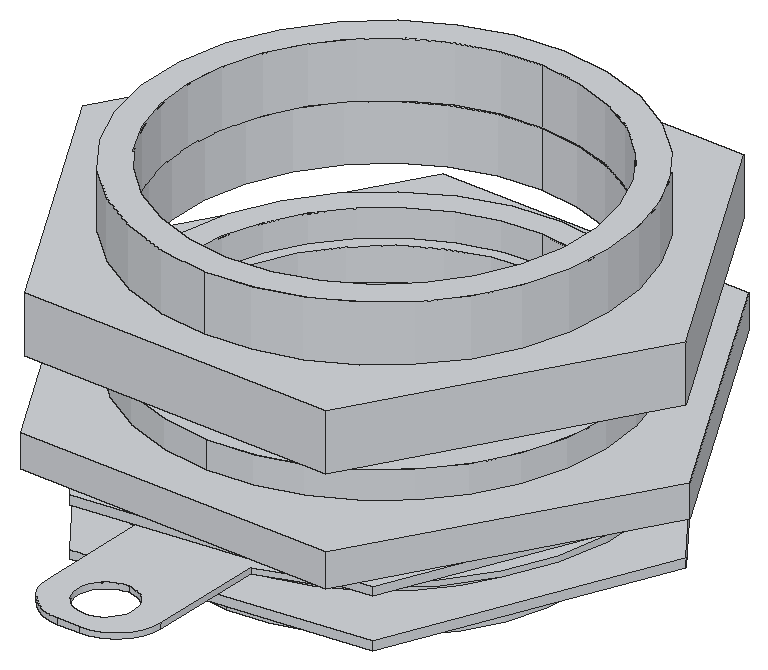
Revit family "BW75", category Generic Models, Revit 2017
Family settings
  Can host rebar = No
  Round Connector Dimension = Use Diameter
  Part Type = Normal
  Work Plane-Based = Yes
  Always vertical = No
  Cut with Voids When Loaded = No
  Shared = No
  Room Calculation Point = No
Parameters (values of type "NBS Standard Parameters")
  Weight = "1.24Kg"
  WarrantyStartDate [instance] = "1900-12-31T23:59:59"
  WarrantyGuarantorParts = "n/a"
  WarrantyGuarantorLabor = "n/a"
  WarrantyDurationUnit = "1 year"
  WarrantyDurationParts = "n/a"
  WarrantyDurationLabor = "n/a"
  WarrantyDescription = "n/a"
  Version = "1"
  Uniclass2 = "Pr_65_70_36_33"
  TagNumber [instance] = "n/a"
  SustainabilityPerformance = "n/a"
  Size = "75mm"
  Shape = ""
  SerialNumber [instance] = "n/a"
  Revision = "n/a"
  ReplacementCost = "n/a"
  ProductInformation = "www.metpro.co.uk/pdf/bw75.pdf"
  NominalWidth = 80 mm
  NominalLength = 80 mm
  NominalHeight = 45 mm
  Name = ""
  NBSTypeID = ""
  NBSReference = ""
  NBSOfficeMasterTag = ""
  NBSNote = ""
  NBSDescription = "High Voltage Cable Glands"
  NBSCertification = ""
  ModelReference = "BW75"
  ModelNumber = "n/a"
  Material = "Brass"
  ManufacturerURL = "www.metpro.co.uk"
  ManufacturerName = "Metpro Ltd"
  Keynote = "KIt Comprises of 1 Gland,1 Shroud, 1 Tag and 1 Locknut"
  InstallationDate [instance] = "1900-12-31T23:59:59"
  IfcExportType = ""
  IfcExportAs = ""
  Grade = "n/a"
  Finish = "Self Colour"
  Features = "n/a"
  ExpectedLife = "n/a"
  DurationUnit = "year"
  Description = "BW75- 75mm Cable Gland Kit"
  Default Elevation = 1219.2 mm
  Constituents = "n/a"
  Color = "n/a"
  CodePerformance = "n/a"
  Category = "n/a"
  BarCode [instance] = "n/a"
  BIMObjectName = "Metpro_metprolibrary_cablegland_brass_internal"
  Author = "Metpro Limited"
  AssetType = ""
  AssetIdentifier [instance] = "n/a"
  AccessibilityPerformance = "n/a"
Reference planes
  plane 1 "Center (Front/Back)": y = 0
  plane 2: z = 0
  plane 3 "Center (Left/Right)": x = 0
Forms (mm)
  Extrusion 1, solid
    sketch origin (-10628.404, 178.929, 15.789) x (0, 1, 0) y (-1, 0, 0)
      loop
        line (81.556, 40.135) -> (34.556, 67.271) -> (-12.444, 40.135) -> (-12.444, -14.135) -> (34.556, -41.271) -> (81.556, -14.135) -> (81.556, 40.135)
      loop
        circle (35.017, 13.363) r 32.844
    from 6.824 to 12.69
  Extrusion 2, solid
    sketch origin (-10628.404, 178.929, 20.189) x (0, 1, 0) y (-1, 0, 0)
      loop
        circle (35.017, 13.363) r 35
      loop
        circle (35.017, 13.363) r 32.844
    from 0 to -16
  Extrusion 3, solid
    sketch origin (-10628.404, 178.929, 20.189) x (0, 1, 0) y (-1, 0, 0)
      loop
        line (-10.497, 32.877) -> (-4.471, -16.199) -> (41.043, -35.519) -> (80.532, -5.762) -> (74.506, 43.314) -> (28.991, 62.634) -> (-10.497, 32.877)
      loop
        circle (35.017, 13.363) r 35
    from 0 to -1.5
  Extrusion 4, solid
    sketch origin (-10628.404, 178.929, 18.689) x (-1, 0, 0) y (0, 1, 0)
      loop
        arc (23.495, -6.97) -> (13.495, 78.179) -> (3.495, -6.97) r 43.162
        line (3.495, -6.97) -> (3.495, -26.939)
        arc (3.495, -26.939) -> (5.851, -32.627) -> (11.539, -34.983) r 8.044
        line (11.539, -34.983) -> (15.459, -34.983)
        arc (15.459, -34.983) -> (21.141, -32.629) -> (23.495, -26.947) r 8.036
        line (23.495, -26.947) -> (23.495, -6.97)
      loop
        circle (13.495, -26.708) r 5
      loop
        circle (13.495, 35.017) r 34.984
    from 1.24 to 2.24
  Extrusion 5, solid
    sketch origin (-10628.404, 178.929, 18.689) x (-1, 0, 0) y (0, 1, 0)
      loop
        line (32.877, -10.497) -> (62.634, 28.991) -> (43.314, 74.506) -> (-5.762, 80.532) -> (-35.519, 41.043) -> (-16.199, -4.471) -> (32.877, -10.497)
      loop
        circle (13.363, 35.017) r 35
    from 7.164 to 8.664
  Extrusion 6, solid
    sketch origin (-10628.404, 178.929, 35.939) x (0, 1, 0) y (-1, 0, 0)
      loop
        circle (35.017, 13.363) r 39.5
      loop
        circle (35.017, 13.363) r 35
    from -15.75 to -2.678
  Extrusion 7, solid
    sketch origin (-10628.404, 178.929, 35.939) x (0, 1, 0) y (-1, 0, 0)
      loop
        line (35.017, 67.005) -> (-11.438, 40.184) -> (-11.438, -13.458) -> (35.017, -40.279) -> (81.472, -13.458) -> (81.472, 40.184) -> (35.017, 67.005)
      loop
        circle (35.017, 13.363) r 35
    from 4.336 to 14.336
  Extrusion 8, solid
    sketch origin (-10628.404, 178.929, 50.275) x (0, 1, 0) y (-1, 0, 0)
      loop
        circle (35.017, 13.363) r 35
      loop
        circle (35.017, 13.363) r 40
    from 0 to 10
Dimensions and locks
  aligned and locked: level to plane 2
